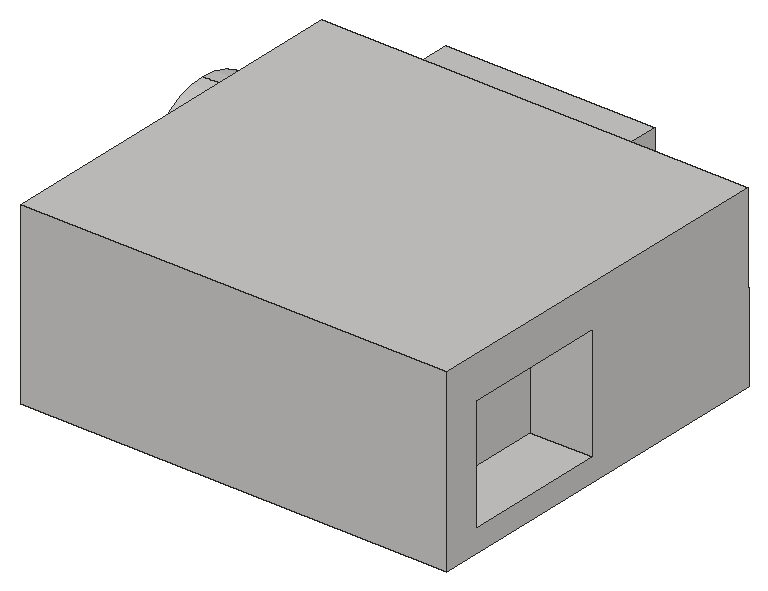
Revit family
Parameters
  Width = 3' - 0 1/8"
  Voltage = 277 V
  Unit Weight = "155.0 lbs"
  UltraLoc Liner = Choose Liner Option = 3  # no
  URL = "http://www.titus-hvac.com/"
  UL = "181"
  Supply Air Flow [instance] = 0 CFM
  SteriLoc Liner = Choose Liner Option = 2  # no
  Primary Air Pressure Drop [instance] = 0.00 in-wg
  Primary Air Flow [instance] = 0 CFM
  Plenum Air Pressure Drop [instance] = 0.00 in-wg
  Plenum Air Flow [instance] = 0 CFM
  Outlet Width = 1' - 2"
  Outlet Vertical Offset = 0' - 1 1/8"
  Outlet Horizontal Offset = 0' - 1 3/8"
  Outlet Height = 0' - 11"
  Number of Poles = 1
  Nominal Width = Width + 0' 6 1/4"  # 3' - 6 3/8"
  Nominal Length = Length + 0' 3 3/8"  # 3' - 8 1/4"
  Nominal Inlet Size = 1' - 2"
  Nominal Height = 1' - 5 1/8"
  NFPA = "90A"
  Motor Full Load Amps = 2.9 A
  Model = "DTQS"
  Min. Air Flow = 0 CFM
  Max. Air Flow = 0 CFM
  Material = Galvanized Steel
  Manufacturer = "Titus"
  Length = 3' - 4 7/8"
  Juction Box Offset = 0' - 6 7/8"
  Inlet Diameter = Nominal Inlet Size - 0' 0 1/8"  # 1' - 1 7/8"
  Induced Air Inlet Offset = 0' - 4 1/2"
  Induced Air Inlet Width = 1' - 1 1/4"
  Induced Air Inlet Height = 1' - 2 1/2"
  Induced Air Filter = no
  Heating Total Capacity [instance] = 0 Btu/h
  Half Outlet Connection Width = Outlet Width / 2  # 0' - 7"
  Half Outlet Connection Height = Outlet Height / 2  # 0' - 5 1/2"
  Half Height Start = -(Nominal Height / 2)  # -0' - 8 9/16"
  Half Height End = Nominal Height / 2  # 0' - 8 9/16"
  HP-Motor = "1/3"
  Frequency = 60 Hz
  Filter Size = "19\"x17\""
  Fiber Free Liner = Choose Liner Option = 1  # no
  Fan Disconnect Switch = no
  Duct Radius = Nominal Inlet Size / 2  # 0' - 7"
  Description = "Series Fan Powered Terminal Unit, Direct Digital Control, Pressure Independent"
  Connection Void Radius = Connection Radius - 0' 0 1/4"  # 0' - 6 11/16"
  Connection Radius = Inlet Diameter / 2  # 0' - 6 15/16"
  Choose Liner Option = 0
  CADworks URL = "www.CADworks.net"
  Assembly Code = "D3040100"
  Apparent Power = Voltage * Motor Full Load Amps  # 803.3 VA
  Air Inlet Offset = 0' - 10"
  1/2" Fiberglass Liner = Choose Liner Option = 0  # yes
Reference planes (in)
  plane 1 "Center (Front/Back)": y = 0
  plane 2: z = 0
  plane 3 "Center (Left/Right)": x = 3
  plane 4: x = -17.4375
  plane 5: x = 23.4375
  plane 6: x = -10.5625
  plane 7: x = -20.8125
  plane 8 "Center (Elevation)": z = 0
  plane 9: y = -18.0625
  plane 10: y = 18.0625
  plane 11: y = 8.0625
  plane 12: y = -13.5625
  plane 13: x = -11.4375
  plane 14: x = 17.4375
  plane 15: y = 24.3125
  plane 16: z = 8.5625
  plane 17: z = -8.5625
Forms (in)
  Extrusion 1, solid, material "Galvanized Steel" <- "Material"
    sketch origin (61, -3.76302, 78.80279) x (1, 0, 0) y (0, 1, 0)
      loop
        line (-78.4375, 21.82552) -> (-78.4375, -14.29948) -> (-37.5625, -14.29948) -> (-37.5625, 21.82552) -> (-78.4375, 21.82552)
    from -87.36529 <- "Half Height Start" to -70.24029 <- "Half Height End"
  Extrusion 2, solid, material "Galvanized Steel" <- "Material"
    sketch origin (8.0625, 0, 42) x (1, 0, 0) y (0, 1, 0)
      loop
        line (-18.625, 18.0625) -> (1.375, 18.0625) -> (1.375, 24.3125) -> (-18.625, 24.3125) -> (-18.625, 18.0625)
    from -48 to -36
  Extrusion 3, void
    sketch origin (23.4375, 18.0625, 76.42779) x (0, 1, 0) y (0, 0, -1)
      loop
        line (-18.625, 71.86529) -> (-18.625, 82.86529) -> (-32.625, 82.86529) -> (-32.625, 71.86529) -> (-18.625, 71.86529)
    from 0 to 6
  Extrusion 4, solid, material "Galvanized Steel" <- "Material"
    sketch origin (-24.875, -0.4375, 0) x (0, 0, -1) y (0, 1, 0)
      loop
        circle (0, 8.5) r 6.9375
    from 4.0625 to 7.4375
  Extrusion 5, void
    sketch origin (-24.875, 0, 0) x (0, 1, 0) y (0, 0, 1)
      loop
        circle (8.0625, 0) r 6.6875
    from 4.0625 to 13.4375
  Extrusion 6, void
    sketch origin (-17.4375, -18.0625, 78.67779) x (0, -1, 0) y (0, 0, -1)
      loop
        line (-17.75, 71.49029) -> (-4.5, 71.49029) -> (-4.5, 85.99029) -> (-17.75, 85.99029) -> (-17.75, 71.49029)
    from 0 to 6
Cuts and joins
  Extrusion 3, Extrusion 5, Extrusion 6 cuts Extrusion 1
  Extrusion 5 cuts Extrusion 4
Dimensions and locks (in)
  "Length": plane 5 to plane 4
  equal spacing: plane 5, plane 3 "Center (Left/Right)", plane 4
  locked: Extrusion 2 to plane 6 at 0
  locked: Extrusion 2 to Extrusion 2 at 20
  "Juction Box Offset": plane 6 to plane 4
  "Outlet Height": Extrusion 3 sketch curve to Extrusion 3 sketch curve
  "Outlet Width": Extrusion 3 sketch curve to Extrusion 3 sketch curve
  locked: plane 4 to plane 7 at 3.375
  "Width": plane 9 to plane 10
  equal spacing: plane 9, plane 1 "Center (Front/Back)", plane 10
  locked: Extrusion 4 sketch curve to level at 0
  locked: Extrusion 4 sketch curve to plane 11 at 0
  locked: Extrusion 5 sketch curve to level at 0
  locked: Extrusion 5 sketch curve to plane 11 at 0
  locked: Extrusion 2 to Extrusion 2 at 6.25
  "Air Inlet Offset": plane 10 to plane 11
  locked: Extrusion 2 to plane 10 at 0
  locked: cut or joined group of Extrusion 4, Extrusion 5 to plane 7 at 0
  locked: cut or joined group of Extrusion 4, Extrusion 5 to cut or joined group of Extrusion 4, Extrusion 5 at 3.375
  "Induced Air Inlet Offset": plane 9 to plane 12
  "Induced Air Inlet Width": Extrusion 6 sketch curve to Extrusion 6 sketch curve
  "Induced Air Inlet Height": Extrusion 6 sketch curve to Extrusion 6 sketch curve
  "Induced Air Inlet Offset": Extrusion 6 sketch curve to plane 9
  locked: plane 9 to Extrusion 3 sketch curve at 3.5
  cut or joined group of Extrusion 1, Extrusion 3, Extrusion 5, Extrusion 6 to Extrusion 6 sketch curve = 0' - 1 3/8"
  cut or joined group of Extrusion 1, Extrusion 3, Extrusion 5, Extrusion 6 to Extrusion 3 sketch curve = 0' - 2 1/8"
  locked: Extrusion 2 to Extrusion 2 at 12
  equal spacing: Extrusion 2, level, Extrusion 2
  locked: cut or joined group of Extrusion 1, Extrusion 3, Extrusion 5, Extrusion 6 to cut or joined group of Extrusion 1, Extrusion 3, Extrusion 5, Extrusion 6 at 17.125
  equal spacing: cut or joined group of Extrusion 1, Extrusion 3, Extrusion 5, Extrusion 6, level, cut or joined group of Extrusion 1, Extrusion 3, Extrusion 5, Extrusion 6
  locked: plane 4 to plane 13 at 6
  locked: plane 14 to plane 5 at 6
  "Connection Radius": radius of Extrusion 4 sketch curve
  "Connection Void Radius": radius of Extrusion 5 sketch curve
  aligned and locked: cut or joined group of Extrusion 1, Extrusion 3, Extrusion 5, Extrusion 6 to plane 10
  aligned and locked: plane 9 to cut or joined group of Extrusion 1, Extrusion 3, Extrusion 5, Extrusion 6
  aligned and locked: plane 5 to cut or joined group of Extrusion 1, Extrusion 3, Extrusion 5, Extrusion 6
  aligned and locked: cut or joined group of Extrusion 1, Extrusion 3, Extrusion 5, Extrusion 6 to plane 4
  aligned and locked: Extrusion 3 to plane 14
  aligned and locked: plane 13 to Extrusion 6
  aligned and locked: Extrusion 6 to Extrusion 5
Automatic sketch dimensions
  plane 4 to Extrusion 1 sketch curve = 0' - 0"
  plane 5 to Extrusion 1 sketch curve = 0' - 0"
  plane 9 to Extrusion 1 sketch curve = 0' - 0"
  plane 10 to Extrusion 1 sketch curve = 0' - 0"
  Extrusion 2 sketch curve to plane 6 = 0' - 0"
  Extrusion 2 sketch curve to plane 10 = 0' - 0"
  plane 3 "Center (Left/Right)" to Extrusion 2 sketch curve = 0' - 6 7/16"
  Extrusion 2 sketch curve to plane 10 = 0' - 6 1/4"
Connectors (in)
  electrical at (-0.5625, 24.3125, 0), driven by "Apparent Power", driven by "Voltage", driven by "Number of Poles"
    settings: on Extrusion 2, index 8
  hvac at (-20.8125, 8.0625, 0), driven by "Primary Air Flow", driven by "Duct Radius", driven by "Primary Air Pressure Drop"
    settings: on cut or joined group of Extrusion 4, Extrusion 5, index 9
  hvac at (-17.4375, -6.9375, -0.0625), driven by "Induced Air Inlet Width", driven by "Induced Air Inlet Height", driven by "Plenum Air Pressure Drop", driven by "Plenum Air Flow"
    settings: on cut or joined group of Extrusion 1, Extrusion 3, Extrusion 5, Extrusion 6, index 14
  hvac at (23.4375, -7.5625, -0.9375), driven by "Supply Air Flow", driven by "Outlet Width", driven by "Outlet Height"
    settings: on cut or joined group of Extrusion 1, Extrusion 3, Extrusion 5, Extrusion 6, index 15
